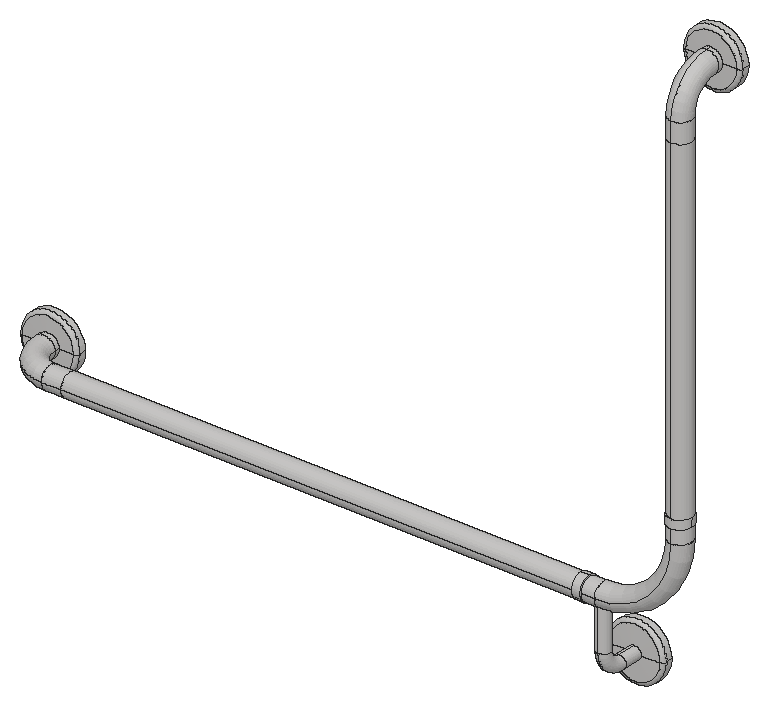
Revit family "RBA4090-901", category Plumbing Fixtures, Revit 2021
Family settings
  Round Connector Dimension = Use Diameter
  Part Type = Normal
  Work Plane-Based = No
  Always vertical = Yes
  Cut with Voids When Loaded = No
  Shared = No
  Room Calculation Point = No
Parameters
  Watermarked By = "www.rba.com.au"
  URL = "www.rba.com.au"
  R_Void [instance] = 15.00 mm
  R [instance] = 0.00 mm
  Phone Number = ""
  Model = "RBA4090-901"
  Materials & Finishes = #304 Stainless Steel, Satin Finish
  Manufacturer Model = "B819436"
  Manufacturer = "RBA Group"
  Description = "RTA SSS Left Hand Single Wall 90° Rail"
  Default Elevation = 0.00 mm
  Copyrighted by = "RBA Group"  # constant formula
  Assembly Code = ""
Reference planes
  plane 1 "Center (Front/Back)": y = 0
  plane 2: z = 0
  plane 3: x = 40.5
  plane 4: z = -30
  plane 5: z = 30
  plane 6: x = 70.5
  plane 7: x = 10.5
  plane 8: x = 990.5
  plane 9: x = 515.5
  plane 10: z = 670
  plane 11: z = 730
  plane 12: x = 960.5
  plane 13: x = 1020.5
  plane 14: z = 700
  plane 15: z = -130
  plane 16: z = -70
  plane 17: x = 910.5
  plane 18: x = 850.5
  plane 19: x = 835.5
  plane 20: z = -100
  plane 21: x = 974.5
  plane 22: z = 16
  plane 23: y = -70
  plane 24: y = -86
  plane 25: y = -54
  plane 26: y = -79.5
  plane 27: y = -60.5
Forms (mm)
  Extrusion 1, solid, material "Stainless Steel Satin Finish"
    sketch origin (40.5, -2.628, 315.907) x (0, 0, -1) y (-1, 0, 0)
      loop
        circle (315.907, 0) r 40
    from -0.219 to 2.628
  Revolve 2, solid, material "#304 Stainless Steel, Satin Finish" <- "Materials & Finishes"
    sketch origin (40.5, 18.663, 0) x (0, -1, 0) y (1, 0, 0)
      loop
        line (18.663, 0) -> (18.663, -41.5) -> (27.844, -41.5)
        arc (27.844, -41.5) -> (31.337, -40.077) -> (32.842, -36.617) r 5
        line (32.842, -36.617) -> (33.701, 0) -> (18.663, 0)
      axis (18.663, 0) -> (33.701, 0)
    angle from 0 to 360
  Extrusion 3, void
    sketch origin (40.5, 34.941, 315.907) x (0, 0, -1) y (-1, 0, 0)
      loop
        circle (315.907, -30) r 5
      loop
        circle (315.907, 30) r 5
    from -37.788 to -30
  Sweep 4, solid, material "#304 Stainless Steel, Satin Finish" <- "Materials & Finishes"
    path origin (40.5, 12.454, 0) x (0, -1, 0) y (-1, 0, 0)
      loop
        line (12.454, 0) -> (34.454, 0)
        arc (34.454, 0) -> (68.395, -14.059) -> (82.454, -48) r 48
        line (82.454, -48) -> (82.454, -76)
    profile origin (40.5, -11, 0) x (1, 0, 0) y (0, 0, 1)
      loop
        circle (0, 0) r 16
  Extrusion 5, solid, material "Stainless Steel Satin Finish"
    sketch origin (990.5, -2.628, 1015.907) x (0, 0, -1) y (-1, 0, 0)
      loop
        circle (315.907, 0) r 40
    from -0.219 to 2.628
  Extrusion 6, void
    sketch origin (990.5, 34.941, 1015.907) x (0, 0, -1) y (-1, 0, 0)
      loop
        circle (315.907, 30) r 5
      loop
        circle (315.907, -30) r 5
    from -37.788 to -30
  Sweep 7, solid, material "#304 Stainless Steel, Satin Finish" <- "Materials & Finishes"
    path origin (1690.5, 12.454, 700) x (0, -1, 0) y (0, 0, 1)
      loop
        line (12.454, 0) -> (34.454, 0)
        arc (34.454, 0) -> (68.395, -14.059) -> (82.454, -48) r 48
        line (82.454, -48) -> (82.454, -76)
    profile origin (1690.5, -11, 700) x (0, 0, 1) y (-1, 0, 0)
      loop
        circle (0, 700) r 16
  Revolve 8, solid, material "#304 Stainless Steel, Satin Finish" <- "Materials & Finishes"
    sketch origin (990.5, 18.663, 700) x (0, -1, 0) y (1, 0, 0)
      loop
        line (18.663, 0) -> (33.701, 0) -> (32.842, 36.617)
        arc (32.842, 36.617) -> (31.337, 40.077) -> (27.844, 41.5) r 5
        line (27.844, 41.5) -> (18.663, 41.5) -> (18.663, 0)
      axis (18.663, 0) -> (33.701, 0)
    angle from 0 to 360
  Sweep 9, solid, material "#304 Stainless Steel, Satin Finish" <- "Materials & Finishes"
    path origin (0, 0, 0) x (1, 0, 0) y (0, 0, 1)
      loop
        line (116.5, 0) -> (880.5, 0)
        arc (880.5, 0) -> (958.282, 32.218) -> (990.5, 110) r 110
        line (990.5, 110) -> (990.5, 624)
    profile origin (498.5, 0, 0) x (0, 0, 1) y (0, -1, 0)
      loop
        circle (0, 70) r 16
  Extrusion 10, solid, material "Stainless Steel Satin Finish"
    sketch origin (880.5, -2.628, 215.907) x (0, 0, -1) y (-1, 0, 0)
      loop
        circle (315.907, 0) r 40
    from -0.219 to 2.628
  Revolve 11, solid, material "#304 Stainless Steel, Satin Finish" <- "Materials & Finishes"
    sketch origin (880.5, 18.663, -100) x (0, -1, 0) y (1, 0, 0)
      loop
        line (18.663, 0) -> (18.663, -41.5) -> (27.844, -41.5)
        arc (27.844, -41.5) -> (31.337, -40.077) -> (32.842, -36.617) r 5
        line (32.842, -36.617) -> (33.701, 0) -> (18.663, 0)
      axis (18.663, 0) -> (33.701, 0)
    angle from 0 to 360
  Sweep 12, solid, material "#304 Stainless Steel, Satin Finish" <- "Materials & Finishes"
    path origin (880.5, 12.454, -100) x (0, -1, 0) y (0, 0, -1)
      loop
        line (12.454, 0) -> (54.454, 0)
        arc (54.454, 0) -> (74.253, -8.201) -> (82.454, -28) r 28
        line (82.454, -28) -> (82.454, -100)
    profile origin (880.5, -21, -100) x (0, 0, -1) y (1, 0, 0)
      loop
        circle (0, 0) r 9.5
  Extrusion 13, void
    sketch origin (880.5, 34.941, 215.907) x (0, 0, -1) y (-1, 0, 0)
      loop
        circle (315.907, -30) r 5
      loop
        circle (315.907, 30) r 5
    from -37.788 to -30
  Extrusion 14, solid, material "Stainless Steel Satin Finish"
    sketch origin (0, 0, 0) x (1, 0, 0) y (0, 1, 0)
      loop
        circle (990.5, -70) r 17
    from 142 to 130
  Extrusion 15, solid, material "Stainless Steel Satin Finish"
    sketch origin (650.5, 0, 990.5) x (0, 0, -1) y (0, 1, 0)
      loop
        circle (990.5, -70) r 17
    from 210 to 198
Cuts and joins
  Extrusion 3, Extrusion 6, Extrusion 13 cuts Extrusion 1
  Extrusion 3, Extrusion 6, Extrusion 13 cuts Revolve 2
  Extrusion 13 cuts Sweep 4
  Extrusion 6 cuts Revolve 8
  Extrusion 13 cuts Revolve 11
  joined: Revolve 2, Sweep 4, Sweep 7, Revolve 8, Sweep 9, Revolve 11, Sweep 12
  Extrusion 6 cuts Extrusion 5
  Extrusion 13 cuts Extrusion 10
Dimensions and locks
  Revolve 2 sketch curve to Revolve 2 sketch curve = 41.50 mm
  plane 5 to level to plane 4 = 30.00 mm, 30.00 mm
  plane 7 to plane 6 = 60.00 mm
  plane 11 to plane 10 = 60.00 mm
  plane 12 to plane 13 = 60.00 mm
  Revolve 8 sketch curve to Revolve 8 sketch curve = 41.50 mm
  Revolve 11 sketch curve to Revolve 11 sketch curve = 41.50 mm
  plane 16 to plane 15 = 60.00 mm
  plane 18 to plane 17 = 60.00 mm
  level to plane 20 = 100.00 mm
  plane 14 to level = 700.00 mm
  plane 8 to plane 19 = 155.00 mm
  plane 8 to plane 3 = 950.00 mm
  radius of Extrusion 1 sketch curve = 40.00 mm
  radius of Sweep 4 sketch curve = 16.00 mm
  radius of Extrusion 5 sketch curve = 40.00 mm
  radius of Sweep 7 sketch curve = 16.00 mm
  radius of Extrusion 10 sketch curve = 40.00 mm
  radius of Sweep 12 sketch curve = 9.50 mm
  aligned and locked: Revolve 2 to Extrusion 1
  aligned and locked: Revolve 11 to Extrusion 10
